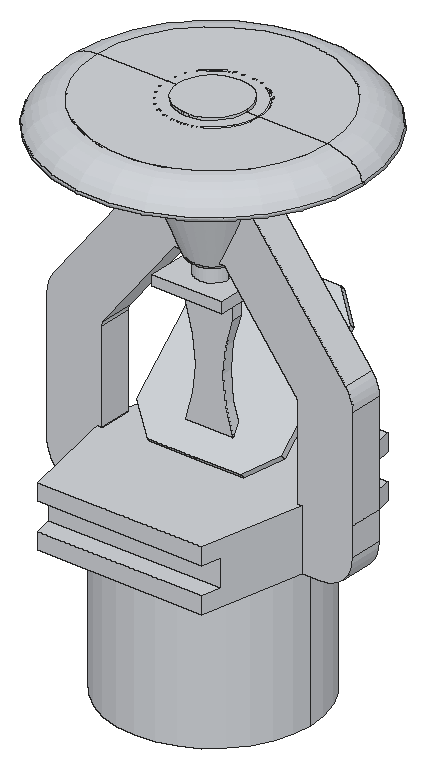
Revit family
Parameters (values of type "RASCO JL112 UPRIGHT")
  Temperature Rating = 165 °F
  Response = 1
  RASCO SIN # = "R7326"
  RASCO Part # = "JL112U1C"
  Pressure Rating = "175 PSI"
  Pressure Class = (empty or 0)
  Orifice Size = 3/4"
  Orifice = (empty or 0)
  Model = "JL112"
  Manufacturer = "RASCO"
  K-Factor = 11.2
  Description = "CHROME FINISH"
  Coverage = (empty or 0)
Reference planes (in)
  plane 1 "Center (Front/Back)": y = 0
  plane 2: z = 0
  plane 3 "Center (Left/Right)": x = 0
Nested families (in)
  nested 1: "JL112U1C" at (0, 0, 0), type "RASCO JL112 UPRIGHT"
Connectors (in)
  piping at (0, 0, 0)
    settings: on nested 1, index 1, connector radius 1/2", flow factor 0, pipe flow 0 GPM, pressure drop 0.00 psi, fitting loss kfactor 0, connector angle 0.00°, fixture units 0, flow configuration 0, flow direction 0, fitting loss method 0, system type 7, connector reference index -1, connector utility 0, adjustable connector no, is connector primary yes, fitting loss table "", connector description ""
Definition of nested family "JL112U1C"
  Parameters (values of type "RASCO JL112 UPRIGHT")
    Type Comments = ""
    Temperature Rating = 0 °F
    Response = (empty or 0)
    Pressure Rating = "0"
    Pressure Class = (empty or 0)
    Orifice Size = 0"
    Orifice = (empty or 0)
    Model = ""
    Manufacturer = ""
    K-Factor = 0
    Description = ""
    Coverage = (empty or 0)
    Assembly Code = ""
  Reference planes (in)
    plane 1 "Center (Front/Back)": y = 0
    plane 2: z = 0
    plane 3 "REF.1": z = 0.773
    plane 4 "top": z = 2.8125
    plane 5: x = -0.81624
    plane 6: x = 0.81332
    plane 7 "ref.2": z = 2.098
    plane 8 "head": z = 2.6725
    plane 9 "left/right center": x = 0
    plane 10 "screw": z = 1.98251
    plane 11 "link2": through (0, -0.02489, 1.21079) normal (0, 0.6767, -0.7363)
  Forms (in)
    Extrusion 1, solid
      sketch origin (0, 0, 0) x (1, 0, 0) y (0, 1, 0)
        loop
          circle (0, 0) r 0.5221
      from 0 to 0.773
    Extrusion 2, solid
      sketch origin (0, 0, 0.773) x (-1, 0, 0) y (0, -1, 0)
        loop
          line (-0.43619, -0.62052) -> (0.4375, -0.62052) -> (0.56391, 0) -> (0.4375, 0.62052) -> (-0.43619, 0.62052) -> (-0.56259, 0) -> (-0.43619, -0.62052)
      from 0 to 0.325
    Extrusion 3, void
      sketch origin (0, 0, 0) x (1, 0, 0) y (0, 0, 1)
        loop
          line (-0.56391, 1.00774) -> (-0.56391, 0.86298) -> (0.56259, 0.86298) -> (0.56259, 1.00774) -> (-0.56391, 1.00774)
      from 0.52148 to 0.62052
    Extrusion 4, solid
      sketch origin (0, 0, 0) x (1, 0, 0) y (0, 0, 1)
        loop
          line (-0.5221, 0.773) -> (-0.5221, 1.098) -> (-0.5221, 1.58091)
          arc (-0.5221, 1.58091) -> (-0.5194, 1.59708) -> (-0.51161, 1.61149) r 0.04979
          line (-0.51161, 1.61149) -> (-0.13316, 2.098) -> (-0.00066, 2.098) -> (0.13184, 2.098) -> (0.5115, 1.61158)
          arc (0.5115, 1.61158) -> (0.51938, 1.59706) -> (0.5221, 1.58077) r 0.05007
          line (0.5221, 1.58077) -> (0.5221, 1.098) -> (0.5221, 0.773) -> (0.64763, 0.773)
          arc (0.64763, 0.773) -> (0.76676, 0.82234) -> (0.8161, 0.94147) r 0.16847
          line (0.8161, 0.94147) -> (0.8161, 1.098) -> (0.8161, 1.63725)
          arc (0.8161, 1.63725) -> (0.80631, 1.69579) -> (0.77801, 1.74796) r 0.17993
          line (0.77801, 1.74796) -> (0.18552, 2.50706) -> (-0.18743, 2.50706) -> (-0.77818, 1.74764)
          arc (-0.77818, 1.74764) -> (-0.80636, 1.69554) -> (-0.8161, 1.63712) r 0.18
          line (-0.8161, 1.63712) -> (-0.8161, 1.098) -> (-0.8161, 0.94094)
          arc (-0.8161, 0.94094) -> (-0.76691, 0.82219) -> (-0.64816, 0.773) r 0.16794
          line (-0.64816, 0.773) -> (-0.5221, 0.773)
      from -0.08649 to 0.08732
    Extrusion 5, void
      sketch origin (0.00728, 1.142, 0) x (1, 0, 0) y (0, 0, 1)
        loop
          line (-0.56391, 1.00774) -> (-0.56391, 0.86298) -> (0.56259, 0.86298) -> (0.56259, 1.00774) -> (-0.56391, 1.00774)
      from 0.52148 to 0.62052
    Revolve 6, solid
      sketch origin (0, 0, 0) x (1, 0, 0) y (0, 0, 1)
        loop
          line (-0.00066, 2.8125) -> (-0.24139, 2.8125)
          arc (-0.24139, 2.8125) -> (-0.25522, 2.80677) -> (-0.26095, 2.79293) r 0.01957
          line (-0.26095, 2.79293) -> (-0.26095, 2.42899)
          arc (-0.26095, 2.42899) -> (-0.25939, 2.41285) -> (-0.25476, 2.3973) r 0.08419
          line (-0.25476, 2.3973) -> (-0.12582, 2.07995)
          arc (-0.12582, 2.07995) -> (-0.11591, 2.06775) -> (-0.10088, 2.06316) r 0.02692
          line (-0.10088, 2.06316) -> (-0.00066, 2.06316) -> (-0.00066, 2.8125)
        axis (-0.00066, 2.8125) -> (-0.00066, 2.06316)
      angle from 0 to 360
    Revolve 7, solid
      sketch origin (0, 0, 0) x (1, 0, 0) y (0, 0, 1)
        loop
          line (-0.00095, 2.8125) -> (-0.61569, 2.8125)
          arc (-0.61569, 2.8125) -> (-0.72648, 2.78068) -> (-0.8035, 2.69491) r 0.20878
          arc (-0.8035, 2.69491) -> (-0.8027, 2.68003) -> (-0.78967, 2.67281) r 0.01538
          line (-0.78967, 2.67281) -> (-0.00095, 2.67281) -> (-0.00095, 2.8125)
        axis (-0.00095, 2.8125) -> (-0.00095, 2.67281)
      angle from 0 to 360
    Extrusion 8, solid
      sketch origin (0, 0, 2.8125) x (-1, 0, 0) y (0, -1, 0)
        loop
          circle (0.00095, 0) r 0.18173
      from 0 to 0.01153
    Extrusion 9, solid
      sketch origin (0, 0, 0) x (1, 0, 0) y (0, 0, 1)
        loop
          line (-0.00066, 1.098) -> (0.12634, 1.098) -> (0.12634, 1.25094)
          arc (0.12634, 1.25094) -> (0.07205, 1.52876) -> (0.12634, 1.80659) r 0.738
          line (0.12634, 1.80659) -> (0.12634, 1.9285) -> (-0.12716, 1.9285) -> (-0.12716, 1.80659)
          arc (-0.12716, 1.80659) -> (-0.07288, 1.52876) -> (-0.12716, 1.25094) r 0.73821
          line (-0.12716, 1.25094) -> (-0.12716, 1.098) -> (-0.00066, 1.098)
      from -0.02698 to 0.02489
    Extrusion 10, solid
      sketch origin (0, 0, 0) x (0, 0, -1) y (0, -1, 0)
        loop
          line (-1.92851, 0.17394) -> (-1.98251, 0.17394) -> (-1.98251, -0.23992)
          arc (-1.98251, -0.23992) -> (-1.96437, -0.3088) -> (-1.91467, -0.35983) r 0.13989
          line (-1.91467, -0.35983) -> (-1.70246, -0.48734)
          arc (-1.70246, -0.48734) -> (-1.69224, -0.50115) -> (-1.69478, -0.51815) r 0.02246
          line (-1.69478, -0.51815) -> (-1.72641, -0.57081) -> (-1.68013, -0.59862) -> (-1.63469, -0.52299)
          arc (-1.63469, -0.52299) -> (-1.62907, -0.4854) -> (-1.65167, -0.45485) r 0.04966
          line (-1.65167, -0.45485) -> (-1.89842, -0.30659)
          arc (-1.89842, -0.30659) -> (-1.92047, -0.28396) -> (-1.92851, -0.25341) r 0.06204
          line (-1.92851, -0.25341) -> (-1.92851, 0.17394)
      from -0.18664 to 0.18723
    Extrusion 11, solid
      sketch origin (0, 0, 1.98251) x (-1, 0, 0) y (0, -1, 0)
        loop
          circle (0, 0) r 0.087
      from 0 to 0.0806
    Extrusion 12, solid
      sketch origin (0, -0.61464, 0.66881) x (0, -0.736298, -0.676658) y (-1, 0, 0)
        loop
          line (-0.69009, 0.00066) -> (-0.69009, 0.24966) -> (-0.83009, 0.38966) -> (-1.45483, 0.38966) -> (-1.59483, 0.24966) -> (-1.59483, -0.24834) -> (-1.45483, -0.38834) -> (-0.83009, -0.38834) -> (-0.69009, -0.24834) -> (-0.69009, 0.00066)
      from -0.02887 to 0
  Cuts and joins
    Extrusion 3, Extrusion 5 cuts Extrusion 2
  Dimensions and locks (in)
    plane 4 "top" to level = 0' - 2 13/16"
